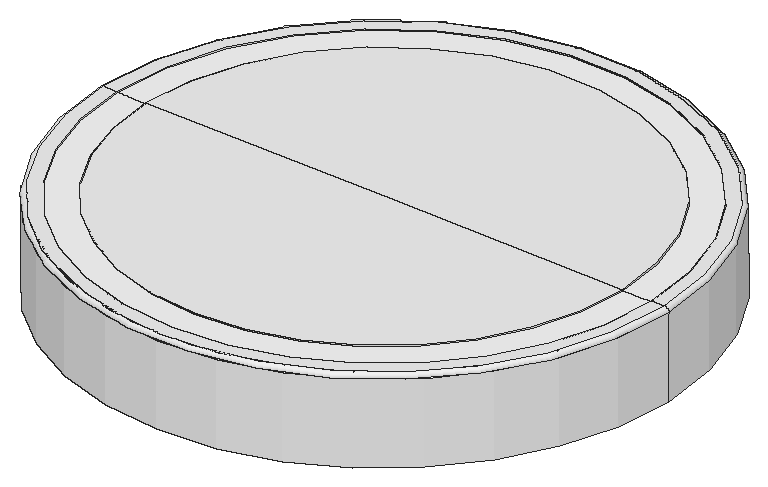
Revit family "Lighting-Flush_Mount-Tech_Lighting-Crest_12", category Lighting Fixtures, host Face, Revit 2017
Family settings
  Host = Face
  Round Connector Dimension = Use Diameter
  Part Type = Normal
  OmniClass Number = 23.80.70.11
  OmniClass Title = Luminaries for Internal Lighting
  Cut with Voids When Loaded = No
  Light Source = Yes
  Shared = No
  Room Calculation Point = No
Parameters (values of type "700FMCRST12S-LED930-277")
  Width = 1' - 0 77/256"  # constant formula
  Wattage Comments = "(1) 32 Watts"  # constant formula
  Wattage = 48.7445 W
  Warranty URL = "http://www.techlighting.com/AboutUs#warranty"
  built-in parameter 1150110 = 1 (stored number, unit not read)
  Voltage Comment = "277 Volts"
  Voltage = 277 V
  Version = "2017 - v1.0a"  # constant formula
  URL = "http://www.techlighting.com/"
  built-in parameter 1114217 = 1 (stored number, unit not read)
  Title 24 Compliant = "Yes"  # constant formula
  Title 20 Compliant = "Yes"  # constant formula
  Photometry Note = "Please load ies file listed under Photometric Web File for accurate rendering."  # constant formula
  Performance URL = "Contact Tech Lighting for Performance Data"
  Output = "660 Lumens"  # constant formula
  Product Documentation Link = "http://www.techlighting.com/Products/Pdf?productId=3075"
  Photometric Web File = "15111- CREST 12 FLUSH MOUNT.ies"
  Mounting = "Flush Mount Ceiling"  # constant formula
  Load Classification = Lighting
  Length = 1' - 0 77/256"  # constant formula
  Instruction Sheet Link = "http://www.techlighting.com/Products/OpenPdf/920FMCREST.pdf?type=i"
  Height = 0' - 1 13/16"  # constant formula
  Environment = "Suitable for Indoor Damp Locations"  # constant formula
  Emit from Circle Diameter = 0' - 11 141/256"  # constant formula
  Emit Shape Visible in Rendering = no
  Dimming = "Yes"  # constant formula
  Product Page URL = "http://www.techlighting.com/Products/Fixtures/Flush-Mounts/Crest-12-Ceiling"
  Product Name = "Crest 12 Ceiling - 700FMCRST"  # constant formula
  Power Factor = 1
  Phase = 1
  Number of Poles = 1
  Model = "700FMCRST12xxx"
  Manufacturer Phone Number = "847.410.4400"  # constant formula
  Manufacturer Fax Number = "847.410.4500"  # constant formula
  Manufacturer Email = "mailto:techcs@generation-brands.com"
  Manufacturer Address = "7400 Linder Avenue, Skokie, IL 60077"  # constant formula
  Manufacturer = "Tech Lighting"  # constant formula
  Lens = Glass - Tech Lighting - LED Lens
  Lamp = "LED"  # constant formula
  Frequency = 0 Hz
  Description = "Crest 12 Ceiling Flush Mount"  # constant formula
  Copyright = "© 2019 Tech Lighting"  # constant formula
  Controls = "Consult Product Documentation"
  Tilt Angle = 90.00°  # constant formula
  built-in parameter 1150109 = 1 (stored number, unit not read)
  built-in parameter 1150134 = (empty or 0)
  built-in parameter 1150113 = 1 (stored number, unit not read)
  Material = ""
  Finish = Metal - Tech Lighting - Satin Nickel
  built-in parameter 1150105 = 52.521 (stored number, unit not read)
  Lumens = 660 lm
  built-in parameter 1150115 = 1 (stored number, unit not read)
  built-in parameter 1150137 = (empty or 0)
  built-in parameter 1150139 = (empty or 0)
  built-in parameter 1150112 = 1 (stored number, unit not read)
  built-in parameter 1150114 = 1 (stored number, unit not read)
  built-in parameter 1150132 = 2
  built-in parameter 1150102 = (empty or 0)
  built-in parameter 1150107 = 3000 (stored number, unit not read)
  built-in parameter 1150138 = (empty or 0)
  built-in parameter 1150106 = 0.52521 (stored number, unit not read)
  built-in parameter 1150104 = 1.2579 (stored number, unit not read)
  Dimming Lamp Color Temperature Shift = <None>
  Default Elevation = 0' - 0"
  Color Filter = 16777215
  CRI, CCT = "90 CRI, 3000K"  # constant formula
  built-in parameter 1114218 = 1 (stored number, unit not read)
  built-in parameter 1150133 = 10 (stored number, unit not read)
  Assembly Code = "D5020200"
  Apparent Load = 32 VA  # constant formula
Types (4): name | Voltage Comment | Voltage | Finish
  700FMCRST12S-LED930 | "120 Volts" | 120 V | Metal - Tech Lighting - Satin Nickel
  700FMCRST12S-LED930-277 | "277 Volts" | 277 V | Metal - Tech Lighting - Satin Nickel
  700FMCRST12W-LED930 | "120 Volts" | 120 V | Metal - Tech Lighting - Matte White
  700FMCRST12W-LED930-277 | "277 Volts" | 277 V | Metal - Tech Lighting - Matte White
Reference planes (in)
  plane 1 "Center (Front/Back)": y = 0
  plane 2 "Ceiling": z = 0
  plane 3 "Center (Left/Right)": x = 0
  plane 4: x = -6.15039
  plane 5: x = 6.15039
  plane 6: y = -6.15039
  plane 7: y = 6.15039
  plane 8: z = 1.8125
Forms (in)
  Revolve 1, solid, material "Metal - Tech Lighting - Satin Nickel" <- "Finish"
    sketch origin (0, 0, 0) x (1, 0, 0) y (0, 0, 1)
      loop
        line (0, 1.8125) -> (0, 0) -> (6.15039, 0) -> (6.15039, 1.7219)
        arc (6.15039, 1.7219) -> (6.12386, 1.78596) -> (6.05979, 1.8125) r 0.0906
        line (6.05979, 1.8125) -> (5.77539, 1.8125) -> (5.77539, 1.5625) -> (5.15039, 1.5625) -> (5.15039, 1.8125) -> (0, 1.8125)
      axis (0, 0) -> (0, 1.8125)
    angle from 0 to 360
  Revolve 2, solid, material "Glass - Tech Lighting - LED Lens" <- "Lens"
    sketch origin (0, 0, 0) x (1, 0, 0) y (0, 0, 1)
      loop
        line (5.77539, 1.5625) -> (5.77539, 1.79829) -> (5.15039, 1.79829) -> (5.15039, 1.5625) -> (5.77539, 1.5625)
      axis (0, 1.79829) -> (0, 1.5625)
    angle from 0 to 360
Dimensions and locks (in)
  equal spacing: plane 4, plane 3 "Center (Left/Right)", plane 5
  "Width": plane 5 to plane 4
  equal spacing: plane 6, plane 1 "Center (Front/Back)", plane 7
  "Length": plane 6 to plane 7
  "Height": plane 8 to level
  Revolve 1 sketch curve to Revolve 1 sketch curve to Revolve 1 sketch curve to Revolve 1 sketch curve to Revolve 1 sketch curve to Revolve 1 sketch curve to plane 3 "Center (Left/Right)" = 0' - 0.0906" locked, 0' - 0.2844" locked, 0' - 0" locked, 0' - 0 5/8" locked, 0' - 0" locked, 0' - 5.15039" locked
  Revolve 1 sketch curve to Revolve 1 sketch curve to Revolve 1 sketch curve to Revolve 1 sketch curve to level = 0' - 0" locked, 0' - 0.0906" locked, 0' - 0.1594" locked, 0' - 1 9/16" locked
  Revolve 2 sketch curve to Revolve 2 sketch curve to plane 3 "Center (Left/Right)" = 0' - 0 5/8" locked, 0' - 5.15039" locked
  Revolve 2 sketch curve to Revolve 2 sketch curve to level = 0' - 0.23579" locked, 0' - 1 9/16" locked
  aligned and locked: plane 2 "Ceiling" to host face
  aligned and locked: level to host face
  aligned and locked: imposter light to plane 8
Automatic sketch dimensions
  host sketch curve to host sketch curve = 8' - 4.67202"
  host sketch curve to host sketch curve = 8' - 0"
  Revolve 1 sketch curve to plane 3 "Center (Left/Right)" = 0' - 0"  (x2)
  Revolve 1 sketch curve to level = 0' - 0"
  Revolve 1 sketch curve to Revolve 1 sketch curve = 0' - 1.10464"
  Revolve 1 sketch curve to plane 8 = 0' - 1.66964"
  Revolve 2 sketch curve to plane 3 "Center (Left/Right)" = 0' - 0"
  Revolve 2 sketch curve to level = 0' - 0.75625"
  Revolve 2 sketch curve to plane 8 = 0' - 2 77/256"
Connectors (in)
  electrical at (0, 0, 0), driven by "Number of Poles", driven by "Load Classification", driven by "Voltage", driven by "Apparent Load", driven by "Power Factor"
    settings: on Revolve 1, index 1, voltage 277 V, apparent load 0 VA, apparent load phase1 32 VA, apparent load phase2 0 VA, apparent load phase3 0 VA, power factor 1, load classification "Lighting", number of poles 1, system type 31, power factor state 1, is connector primary yes, connector utility no, sub classification motor no, connector description "Power Connector"
